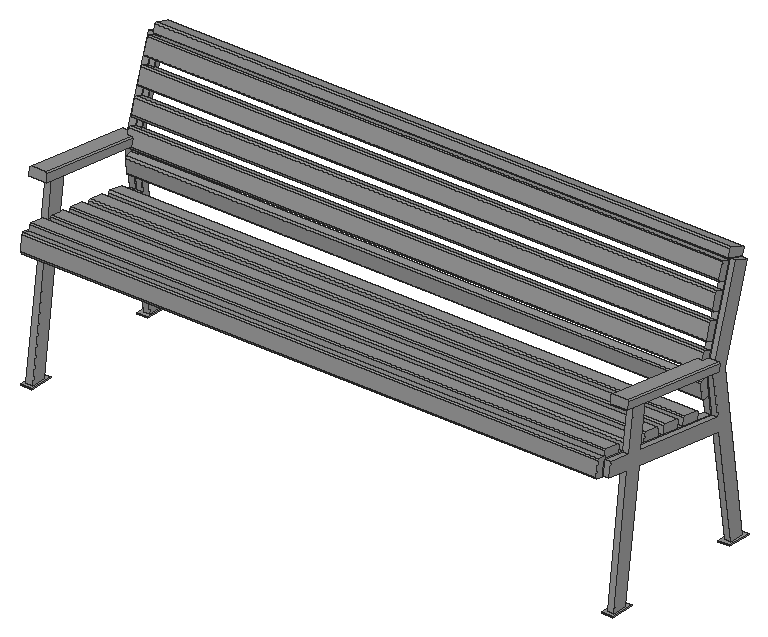
Revit family "Скамейка стальная «Модерн» Арт 7106", category Антураж, Revit 2018
Family settings
  На основе рабочей плоскости = Нет
  Всегда вертикально = Да
  При загрузке вырезать с полостями = Нет
  Источник визуального образа = Геометрия семейства
  Общий = Нет
  Точка расчета площади = Нет
Parameters (values of type "Модель 1,8 м (композит)")
  Ширина = 612 mm  # constant formula
  Цвет сидения = Дерево
  Цвет каркаса = Сталь
  Описание = if([Модель 0,7 м (кресло)], "Скамейка стальная «Модерн». Модель 0,7 м (Кресло)", if([Модель 1,2 м], "Скамейка стальная «Модерн». Модель 1,2 м", if([Модель 1,5 м], "Скамейка стальная «Модерн». Модель 1,5 м", if([Модель 1,5 м (композит)], "Скамейка стальная «Модерн». Модель 1,5 м. Сидение из композитных материалов", if([Модель 1,8 м], "Скамейка стальная «Модерн». Модель 1,8 м", if([Модель 1,8 м (композит)], "Скамейка стальная «Модерн». Модель 1,8 м. Сидение из композитных материалов", if([Модель 2,0 м], "Скамейка стальная «Модерн». Модель 2,0 м. С тремя опорами", "Скамейка стальная «Модерн». Модель 3,0 м. С тремя опорами")))))))  # "Скамейка стальная «Модерн». Модель 1,8 м. Сидение из композитных материалов"
  Модель 3,0 м = no
  Модель 2,0 м = no
  Модель 1,8 м (композит) = yes
  Модель 1,8 м = no
  Модель 1,5 м (композит) = no
  Модель 1,5 м = no
  Модель 1,2 м = no
  Модель 0,7 м (кресло) = no
  Материал изделия = if([Модель 0,7 м (кресло)], "Сталь, дерево", if([Модель 1,2 м], "Сталь, дерево", if([Модель 1,5 м], "Сталь, дерево", if([Модель 1,5 м (композит)], "Сталь, композитный материал", if([Модель 1,8 м], "Сталь, дерево", if([Модель 1,8 м (композит)], "Сталь, композитный материал", if([Модель 2,0 м], "Сталь, дерево", "Сталь, дерево")))))))  # "Сталь, композитный материал"
  Изображение типоразмера = Скамейка стальная «Модерн» Арт 7106.jpg
  Изготовитель = "ООО «Хоббика»"  # constant formula
  Длина досок = Длина - (38 mm * 2)  # 1844 mm
  Длина = if([Модель 0,7 м (кресло)], 820 mm, if([Модель 1,2 м], 1320 mm, if([Модель 1,5 м], 1620 mm, if([Модель 1,5 м (композит)], 1620 mm, if([Модель 1,8 м], 1920 mm, if([Модель 1,8 м (композит)], 1920 mm, if([Модель 2,0 м], 2120 mm, 3120 mm)))))))  # 1920 mm
  Группа модели = "Садовые скамейки"  # constant formula
  Высота = 835 mm  # constant formula
  Артикул товара = "Арт. 7106"  # constant formula
  URL = "https://hobbyka.ru/product/skameika_modern/"
Types (9, lengths in mm): name | Описание | Модель 3,0 м | Модель 2,0 м | Модель 1,8 м (композит) | Модель 1,8 м | Модель 1,5 м (композит) | Модель 1,5 м | Модель 1,2 м | Модель 0,7 м (кресло) | Материал изделия | Длина досок | Длина
  (no name) | "Скамейка стальная «Модерн». Модель 1,8 м. Сидение из композитных материалов" | no | no | yes | no | no | no | no | no | "Сталь, композитный материал" | 1844 | 1920
  Модель 0,7 м (кресло) | "Скамейка стальная «Модерн». Модель 0,7 м (Кресло)" | no | no | no | no | no | no | no | yes | "Сталь, дерево" | 744 | 820
  Модель 1,2 м | "Скамейка стальная «Модерн». Модель 1,2 м" | no | no | no | no | no | no | yes | no | "Сталь, дерево" | 1244 | 1320
  Модель 1,5 м | "Скамейка стальная «Модерн». Модель 1,5 м" | no | no | no | no | no | yes | no | no | "Сталь, дерево" | 1544 | 1620
  Модель 1,8 м | "Скамейка стальная «Модерн». Модель 1,8 м" | no | no | no | yes | no | no | no | no | "Сталь, дерево" | 1844 | 1920
  Модель 2,0 м | "Скамейка стальная «Модерн». Модель 2,0 м. С тремя опорами" | no | yes | no | no | no | no | no | no | "Сталь, дерево" | 2044 | 2120
  Модель 3,0 м | "Скамейка стальная «Модерн». Модель 3,0 м. С тремя опорами" | yes | no | no | no | no | no | no | no | "Сталь, дерево" | 3044 | 3120
  Модель 1,5 м (композит) | "Скамейка стальная «Модерн». Модель 1,5 м. Сидение из композитных материалов" | no | no | no | no | yes | no | no | no | "Сталь, композитный материал" | 1544 | 1620
  Модель 1,8 м (композит) | "Скамейка стальная «Модерн». Модель 1,8 м. Сидение из композитных материалов" | no | no | yes | no | no | no | no | no | "Сталь, композитный материал" | 1844 | 1920
Reference planes
  plane 1 "По центру (Вперед/Назад)": y = 0
  plane 2: z = 0
  plane 3 "По центру (Влево/Вправо)": x = 0
  plane 4: x = 1920
  plane 5: y = 612
  plane 6: z = 835
Dimensions and locks
  "Ширина": plane 5 to plane 1 "По центру (Вперед/Назад)"
  "Длина": plane 3 "По центру (Влево/Вправо)" to plane 4
  "Высота": plane 6 to level
  locked: plane 3 "По центру (Влево/Вправо)" to nested 1 at 27.9
  locked: plane 3 "По центру (Влево/Вправо)" to nested 2 at 27.9
  locked: nested 3 to plane 4 at 27.9
  locked: nested 4 to plane 4 at 27.9
  equal spacing: plane 3 "По центру (Влево/Вправо)", nested 17, plane 4
  plane 6 to level = 835 mm
  aligned and locked: level to plane 2
  aligned and locked: nested 1 to nested 9
  aligned and locked: nested 1 to nested 12
  aligned and locked: nested 1 to nested 11
  aligned and locked: nested 1 to nested 10
  aligned and locked: nested 1 to nested 8
  aligned and locked: nested 7 to nested 8
  aligned and locked: nested 6 to nested 8
  aligned and locked: nested 5 to nested 8
  aligned and locked: nested 6 to nested 7
  aligned and locked: nested 13 to nested 7
  aligned and locked: nested 14 to nested 7
  aligned and locked: nested 15 to nested 7
  aligned and locked: nested 16 to nested 7
  aligned and locked: nested 5 to nested 7
  aligned and locked: nested 18 to nested 17
Nested families
  nested 1: "Скамейка стальная «Модерн» опора" at (27.9, 45, 0), type "Скамейка стальная «Модерн» опора"
  nested 2: "Скамейка стальная «Модерн» доска" at (27.9, 458.962, 526.62) x (0, -0.9903, 0.1392) z (0, 0.1392, 0.9903), type "Скамейка стальная «Модерн» доска поручень"
    with Длина доски 370 mm
  nested 3: "Скамейка стальная «Модерн» опора" at (1892.1, 45, 0) x (-1, 0, 0) z (0, 0, 1), type "Скамейка стальная «Модерн» опора"
  nested 4: "Скамейка стальная «Модерн» доска" at (1892.1, 458.962, 526.62) x (0, -0.9903, 0.1392) z (0, 0.1392, 0.9903), type "Скамейка стальная «Модерн» доска поручень"
    with Длина доски 370 mm
  nested 5: "Скамейка стальная «Модерн» доска" at (37.9, 42.295, 425.8) x (1, 0, 0) z (0, -0.9903, 0.1392), type "Скамейка стальная «Модерн» доска"
    with Длина доски 1844 mm
  nested 6: "Скамейка стальная «Модерн» доска" at (37.9, 389.531, 396.624) x (1, 0, 0) z (0, 0.1392, 0.9903), type "Скамейка стальная «Модерн» доска"
    with Длина доски 1844 mm
  nested 7: "Скамейка стальная «Модерн» доска" at (37.9, 462.027, 472.995) x (1, 0, 0) z (0, -0.9903, -0.1392), type "Скамейка стальная «Модерн» доска"
    with Длина доски 1844 mm
  nested 8: "Скамейка стальная «Модерн» доска" at (37.9, 464.462, 543.548) x (1, 0, 0) z (0, -0.9511, 0.309), type "Скамейка стальная «Модерн» доска"
    with Длина доски 1844 mm
  nested 9: "Скамейка стальная «Модерн» доска" at (37.9, 570.189, 795.707) x (1, 0, 0) z (0, 0.309, 0.9511), type "Скамейка стальная «Модерн» доска"
    with Длина доски 1844 mm
  nested 10: "Скамейка стальная «Модерн» доска" at (37.9, 489.184, 619.632) x (1, 0, 0) z (0, -0.9511, 0.309), type "Скамейка стальная «Модерн» доска"
    with Длина доски 1844 mm
  nested 11: "Скамейка стальная «Модерн» доска" at (37.9, 513.906, 695.717) x (1, 0, 0) z (0, -0.9511, 0.309), type "Скамейка стальная «Модерн» доска"
    with Длина доски 1844 mm
  nested 12: "Скамейка стальная «Модерн» доска" at (37.9, 538.627, 771.801) x (1, 0, 0) z (0, -0.9511, 0.309), type "Скамейка стальная «Модерн» доска"
    with Длина доски 1844 mm
  nested 13: "Скамейка стальная «Модерн» доска" at (37.9, 310.31, 407.758) x (1, 0, 0) z (0, 0.1392, 0.9903), type "Скамейка стальная «Модерн» доска"
    with Длина доски 1844 mm
  nested 14: "Скамейка стальная «Модерн» доска" at (37.9, 231.088, 418.892) x (1, 0, 0) z (0, 0.1392, 0.9903), type "Скамейка стальная «Модерн» доска"
    with Длина доски 1844 mm
  nested 15: "Скамейка стальная «Модерн» доска" at (37.9, 151.867, 430.026) x (1, 0, 0) z (0, 0.1392, 0.9903), type "Скамейка стальная «Модерн» доска"
    with Длина доски 1844 mm
  nested 16: "Скамейка стальная «Модерн» доска" at (37.9, 72.645, 441.161) x (1, 0, 0) z (0, 0.1392, 0.9903), type "Скамейка стальная «Модерн» доска"
    with Длина доски 1844 mm
  nested 17: "Скамейка стальная «Модерн» опора центральная" at (960, 45, 0), visible <- "Модель 2,0 м", type "Скамейка стальная «Модерн» опора центральная"
  nested 18: "Скамейка стальная «Модерн» опора центральная" at (960, 45, 0), visible <- "Модель 3,0 м", type "Скамейка стальная «Модерн» опора центральная"
Definition of nested family "Скамейка стальная «Модерн» опора"
  Parameters (values of type "Скамейка стальная «Модерн» опора")
    Цвет каркаса = none
    Height = 0 mm
  Reference planes
    plane 1 "По центру (Вперед/Назад)": y = 0
    plane 2: z = 0
    plane 3 "По центру (Влево/Вправо)": x = 0
  Forms (mm)
    Extrusion 1, solid, material <- "Цвет каркаса"
      sketch origin (0, 0, 0) x (0, 1, 0) y (0, 0, 1)
        loop
          line (13.235, 3) -> (58.678, 3) -> (112.2, 383.834) -> (435.953, 338.333) -> (483.081, 3) -> (528.523, 3) -> (456.849, 512.988) -> (546.464, 788.794) -> (503.666, 802.7) -> (410.841, 517.013) -> (429.438, 384.691) -> (118.463, 428.396) -> (137.724, 565.443) -> (93.162, 571.706) -> (73.901, 434.659) -> (0, 445.045) -> (-6.263, 400.483) -> (67.638, 390.096) -> (13.235, 3)
      from -10 to 10
    Extrusion 2, solid, material <- "Цвет каркаса"
      sketch origin (-308, 0, 0) x (1, 0, 0) y (0, 1, 0)
        loop
          line (326, 467.409) -> (326, 542.909) -> (290, 542.909) -> (290, 467.409) -> (326, 467.409)
        loop
          line (326, 75.5) -> (290, 75.5) -> (290, 0) -> (326, 0) -> (326, 75.5)
      from 0 to 3
    Extrusion 3, solid, material <- "Цвет каркаса"
      sketch origin (0, 0, 0) x (0, 1, 0) y (0, 0, 1)
        loop
          line (410.841, 517.013) -> (429.438, 384.691) -> (0, 445.045) -> (-6.263, 400.483) -> (-4.282, 400.204) -> (1.702, 442.786) -> (431.787, 382.341) -> (412.886, 516.834) -> (504.95, 800.18) -> (545.846, 786.892) -> (546.464, 788.794) -> (503.666, 802.7) -> (410.841, 517.013)
      from 10 to 30
  Dimensions and locks
    aligned and locked: level to plane 2
    aligned and locked: Extrusion 3 to Extrusion 1
Definition of nested family "Скамейка стальная «Модерн» доска"
  Parameters (values of type "Скамейка стальная «Модерн» доска")
    Цвет сидения = none
    Default Elevation = 1219.2 mm
    Длина доски = 1300 mm
    Height = 0 mm
  Types (2): name
    Скамейка стальная «Модерн» доска
    Скамейка стальная «Модерн» доска поручень
  Reference planes
    plane 1 "По центру (Вперед/Назад)": y = 0
    plane 2: z = 0
    plane 3 "По центру (Влево/Вправо)": x = 0
    plane 4: x = 1300
  Forms (mm)
    Extrusion 1, solid, material <- "Цвет сидения"
      sketch origin (0, 336.473, -339.298) x (0, 0.987836, 0.155497) y (0, -0.155497, 0.987836)
        loop
          line (-307.181, 391.83) -> (-252.06, 383.153) -> (-248.445, 406.118) -> (-252.315, 411.435) -> (-298.25, 418.666) -> (-303.566, 414.795) -> (-307.181, 391.83)
      from 0 to 1300
  Dimensions and locks
    "Длина доски": plane 3 "По центру (Влево/Вправо)" to plane 4
    aligned and locked: level to plane 2
    aligned and locked: Extrusion 1 to plane 3 "По центру (Влево/Вправо)"
    aligned and locked: plane 4 to Extrusion 1
  Automatic sketch dimensions
    Extrusion 1 sketch curve to level = 0 mm  (x2)
    plane 1 "По центру (Вперед/Назад)" to Extrusion 1 sketch curve = 27.9 mm
    Extrusion 1 sketch curve to Extrusion 1 sketch curve = 3.615 mm
    Extrusion 1 sketch curve to Extrusion 1 sketch curve = 5.317 mm  (x2)
    Extrusion 1 sketch curve to Extrusion 1 sketch curve = 45.934 mm
    Extrusion 1 sketch curve to Extrusion 1 sketch curve = 0.255 mm
    Extrusion 1 sketch curve to Extrusion 1 sketch curve = 3.87 mm  (x2)
    Extrusion 1 sketch curve to Extrusion 1 sketch curve = 22.965 mm  (x2)
Definition of nested family "Скамейка стальная «Модерн» опора центральная"
  Parameters (values of type "Скамейка стальная «Модерн» опора центральная")
    Цвет каркаса = none
    Height = 0 mm
  Reference planes
    plane 1 "По центру (Вперед/Назад)": y = 0
    plane 2: z = 0
    plane 3 "По центру (Влево/Вправо)": x = 0
  Forms (mm)
    Extrusion 1, solid, material <- "Цвет каркаса"
      sketch origin (0, 0, 0) x (0, 1, 0) y (0, 0, 1)
        loop
          line (13.235, 3) -> (58.678, 3) -> (112.2, 383.834) -> (435.953, 338.333) -> (483.081, 3) -> (528.523, 3) -> (456.849, 512.988) -> (546.464, 788.794) -> (503.666, 802.7) -> (410.841, 517.013) -> (429.438, 384.691) -> (0, 445.045) -> (-6.263, 400.483) -> (67.638, 390.096) -> (13.235, 3)
      from -10 to 10
    Extrusion 2, solid, material <- "Цвет каркаса"
      sketch origin (-308, 0, 0) x (1, 0, 0) y (0, 1, 0)
        loop
          line (326, 467.409) -> (326, 542.909) -> (290, 542.909) -> (290, 467.409) -> (326, 467.409)
        loop
          line (326, 75.5) -> (290, 75.5) -> (290, 0) -> (326, 0) -> (326, 75.5)
      from 0 to 3
  Dimensions and locks
    aligned and locked: level to plane 2
